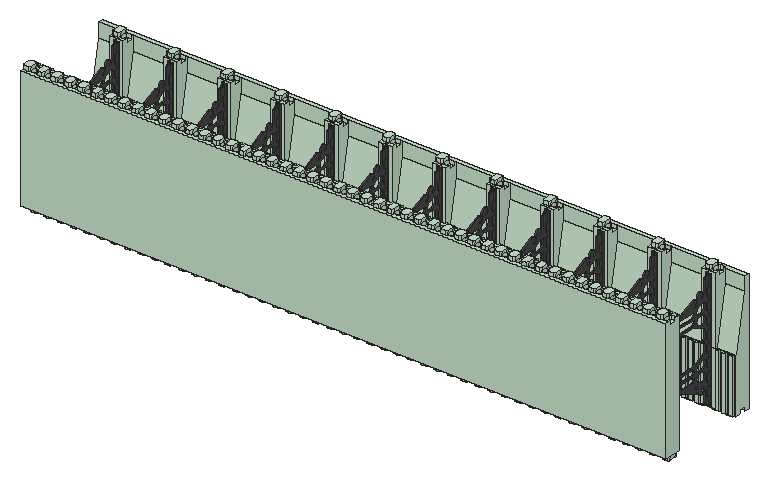
Revit family (continued)
Forms (mm)
  Extrusion 114, void
    sketch origin (2184.4, 0.004, 0) x (1, 0, 0) y (0, 1, 0)
      loop
        arc (25.4, 101.014) -> (26.615, 97.278) -> (29.796, 94.972) r 6.35
        arc (29.796, 94.972) -> (36.091, 93.737) -> (42.5, 94.024) r 26.988
        arc (42.5, 94.024) -> (43.786, 93.668) -> (44.346, 92.457) r 1.587
        line (44.346, 92.457) -> (44.346, 86.829) -> (48.685, 86.829) -> (48.685, 95.62)
        arc (48.685, 95.62) -> (48.795, 96.199) -> (49.108, 96.698) r 1.588
        arc (49.108, 96.698) -> (50.362, 98.696) -> (50.8, 101.014) r 6.35
        line (50.8, 101.014) -> (50.8, 124.411)
        arc (50.8, 124.411) -> (49.585, 128.147) -> (46.404, 130.453) r 6.35
        arc (46.404, 130.453) -> (38.1, 131.763) -> (29.796, 130.453) r 26.987
        arc (29.796, 130.453) -> (26.615, 128.147) -> (25.4, 124.411) r 6.35
    from 0 to 12.7
  Extrusion 115, void
    sketch origin (2133.6, 0.004, 0) x (1, 0, 0) y (0, 1, 0)
      loop
        line (25.4, 124.411) -> (25.4, 101.014)
        arc (25.4, 101.014) -> (26.615, 97.278) -> (29.796, 94.972) r 6.35
        arc (29.796, 94.972) -> (36.091, 93.737) -> (42.5, 94.024) r 26.988
        arc (42.5, 94.024) -> (43.786, 93.668) -> (44.346, 92.457) r 1.587
        line (44.346, 92.457) -> (44.346, 86.829) -> (48.685, 86.829) -> (48.685, 95.62)
        arc (48.685, 95.62) -> (48.795, 96.199) -> (49.108, 96.698) r 1.588
        arc (49.108, 96.698) -> (50.362, 98.696) -> (50.8, 101.014) r 6.35
        line (50.8, 101.014) -> (50.8, 124.411)
        arc (50.8, 124.411) -> (49.585, 128.147) -> (46.404, 130.453) r 6.35
        arc (46.404, 130.453) -> (38.1, 131.763) -> (29.796, 130.453) r 26.987
        arc (29.796, 130.453) -> (26.615, 128.147) -> (25.4, 124.411) r 6.35
    from 0 to 12.7
  Extrusion 116, void
    sketch origin (2082.8, 0.004, 0) x (1, 0, 0) y (0, 1, 0)
      loop
        line (25.4, 124.411) -> (25.4, 101.014)
        arc (25.4, 101.014) -> (26.615, 97.278) -> (29.796, 94.972) r 6.35
        arc (29.796, 94.972) -> (36.091, 93.737) -> (42.5, 94.024) r 26.988
        arc (42.5, 94.024) -> (43.786, 93.668) -> (44.346, 92.457) r 1.587
        line (44.346, 92.457) -> (44.346, 86.829) -> (48.685, 86.829) -> (48.685, 95.62)
        arc (48.685, 95.62) -> (48.795, 96.199) -> (49.108, 96.698) r 1.588
        arc (49.108, 96.698) -> (50.362, 98.696) -> (50.8, 101.014) r 6.35
        line (50.8, 101.014) -> (50.8, 124.411)
        arc (50.8, 124.411) -> (49.585, 128.147) -> (46.404, 130.453) r 6.35
        arc (46.404, 130.453) -> (38.1, 131.763) -> (29.796, 130.453) r 26.987
        arc (29.796, 130.453) -> (26.615, 128.147) -> (25.4, 124.411) r 6.35
    from 0 to 12.7
  Extrusion 117, void
    sketch origin (2032, 0.004, 0) x (1, 0, 0) y (0, 1, 0)
      loop
        line (25.4, 124.411) -> (25.4, 101.014)
        arc (25.4, 101.014) -> (26.615, 97.278) -> (29.796, 94.972) r 6.35
        arc (29.796, 94.972) -> (36.091, 93.737) -> (42.5, 94.024) r 26.988
        arc (42.5, 94.024) -> (43.786, 93.668) -> (44.346, 92.457) r 1.587
        line (44.346, 92.457) -> (44.346, 86.829) -> (48.685, 86.829) -> (48.685, 95.62)
        arc (48.685, 95.62) -> (48.795, 96.199) -> (49.108, 96.698) r 1.588
        arc (49.108, 96.698) -> (50.362, 98.696) -> (50.8, 101.014) r 6.35
        line (50.8, 101.014) -> (50.8, 124.411)
        arc (50.8, 124.411) -> (49.585, 128.147) -> (46.404, 130.453) r 6.35
        arc (46.404, 130.453) -> (38.1, 131.763) -> (29.796, 130.453) r 26.987
        arc (29.796, 130.453) -> (26.615, 128.147) -> (25.4, 124.411) r 6.35
    from 0 to 12.7
  Extrusion 118, void
    sketch origin (1981.2, 0.004, 0) x (1, 0, 0) y (0, 1, 0)
      loop
        line (25.4, 124.411) -> (25.4, 101.014)
        arc (25.4, 101.014) -> (26.615, 97.278) -> (29.796, 94.972) r 6.35
        arc (29.796, 94.972) -> (36.091, 93.737) -> (42.5, 94.024) r 26.988
        arc (42.5, 94.024) -> (43.786, 93.668) -> (44.346, 92.457) r 1.587
        line (44.346, 92.457) -> (44.346, 86.829) -> (48.685, 86.829) -> (48.685, 95.62)
        arc (48.685, 95.62) -> (48.795, 96.199) -> (49.108, 96.698) r 1.588
        arc (49.108, 96.698) -> (50.362, 98.696) -> (50.8, 101.014) r 6.35
        line (50.8, 101.014) -> (50.8, 124.411)
        arc (50.8, 124.411) -> (49.585, 128.147) -> (46.404, 130.453) r 6.35
        arc (46.404, 130.453) -> (38.1, 131.763) -> (29.796, 130.453) r 26.987
        arc (29.796, 130.453) -> (26.615, 128.147) -> (25.4, 124.411) r 6.35
    from 0 to 12.7
  Extrusion 119, void
    sketch origin (1930.4, 0.004, 0) x (1, 0, 0) y (0, 1, 0)
      loop
        line (25.4, 124.411) -> (25.4, 101.014)
        arc (25.4, 101.014) -> (26.615, 97.278) -> (29.796, 94.972) r 6.35
        arc (29.796, 94.972) -> (36.091, 93.737) -> (42.5, 94.024) r 26.988
        arc (42.5, 94.024) -> (43.786, 93.668) -> (44.346, 92.457) r 1.587
        line (44.346, 92.457) -> (44.346, 86.829) -> (48.685, 86.829) -> (48.685, 95.62)
        arc (48.685, 95.62) -> (48.795, 96.199) -> (49.108, 96.698) r 1.588
        arc (49.108, 96.698) -> (50.362, 98.696) -> (50.8, 101.014) r 6.35
        line (50.8, 101.014) -> (50.8, 124.411)
        arc (50.8, 124.411) -> (49.585, 128.147) -> (46.404, 130.453) r 6.35
        arc (46.404, 130.453) -> (38.1, 131.763) -> (29.796, 130.453) r 26.987
        arc (29.796, 130.453) -> (26.615, 128.147) -> (25.4, 124.411) r 6.35
    from 0 to 12.7
  Extrusion 120, void
    sketch origin (1879.6, 0.004, 0) x (1, 0, 0) y (0, 1, 0)
      loop
        line (25.4, 124.411) -> (25.4, 101.014)
        arc (25.4, 101.014) -> (26.615, 97.278) -> (29.796, 94.972) r 6.35
        arc (29.796, 94.972) -> (36.091, 93.737) -> (42.5, 94.024) r 26.988
        arc (42.5, 94.024) -> (43.786, 93.668) -> (44.346, 92.457) r 1.587
        line (44.346, 92.457) -> (44.346, 86.829) -> (48.685, 86.829) -> (48.685, 95.62)
        arc (48.685, 95.62) -> (48.795, 96.199) -> (49.108, 96.698) r 1.588
        arc (49.108, 96.698) -> (50.362, 98.696) -> (50.8, 101.014) r 6.35
        line (50.8, 101.014) -> (50.8, 124.411)
        arc (50.8, 124.411) -> (49.585, 128.147) -> (46.404, 130.453) r 6.35
        arc (46.404, 130.453) -> (38.1, 131.763) -> (29.796, 130.453) r 26.987
        arc (29.796, 130.453) -> (26.615, 128.147) -> (25.4, 124.411) r 6.35
    from 0 to 12.7
  Extrusion 121, void
    sketch origin (1828.8, 0.004, 0) x (1, 0, 0) y (0, 1, 0)
      loop
        line (25.4, 124.411) -> (25.4, 101.014)
        arc (25.4, 101.014) -> (26.615, 97.278) -> (29.796, 94.972) r 6.35
        arc (29.796, 94.972) -> (36.091, 93.737) -> (42.5, 94.024) r 26.988
        arc (42.5, 94.024) -> (43.786, 93.668) -> (44.346, 92.457) r 1.587
        line (44.346, 92.457) -> (44.346, 86.829) -> (48.685, 86.829) -> (48.685, 95.62)
        arc (48.685, 95.62) -> (48.795, 96.199) -> (49.108, 96.698) r 1.588
        arc (49.108, 96.698) -> (50.362, 98.696) -> (50.8, 101.014) r 6.35
        line (50.8, 101.014) -> (50.8, 124.411)
        arc (50.8, 124.411) -> (49.585, 128.147) -> (46.404, 130.453) r 6.35
        arc (46.404, 130.453) -> (38.1, 131.763) -> (29.796, 130.453) r 26.987
        arc (29.796, 130.453) -> (26.615, 128.147) -> (25.4, 124.411) r 6.35
    from 0 to 12.7
  Extrusion 122, void
    sketch origin (1778, 0.004, 0) x (1, 0, 0) y (0, 1, 0)
      loop
        line (25.4, 124.411) -> (25.4, 101.014)
        arc (25.4, 101.014) -> (26.615, 97.278) -> (29.796, 94.972) r 6.35
        arc (29.796, 94.972) -> (36.091, 93.737) -> (42.5, 94.024) r 26.988
        arc (42.5, 94.024) -> (43.786, 93.668) -> (44.346, 92.457) r 1.587
        line (44.346, 92.457) -> (44.346, 86.829) -> (48.685, 86.829) -> (48.685, 95.62)
        arc (48.685, 95.62) -> (48.795, 96.199) -> (49.108, 96.698) r 1.588
        arc (49.108, 96.698) -> (50.362, 98.696) -> (50.8, 101.014) r 6.35
        line (50.8, 101.014) -> (50.8, 124.411)
        arc (50.8, 124.411) -> (49.585, 128.147) -> (46.404, 130.453) r 6.35
        arc (46.404, 130.453) -> (38.1, 131.763) -> (29.796, 130.453) r 26.987
        arc (29.796, 130.453) -> (26.615, 128.147) -> (25.4, 124.411) r 6.35
    from 0 to 12.7
  Extrusion 123, void
    sketch origin (1727.2, 0.004, 0) x (1, 0, 0) y (0, 1, 0)
      loop
        line (25.4, 124.411) -> (25.4, 101.014)
        arc (25.4, 101.014) -> (26.615, 97.278) -> (29.796, 94.972) r 6.35
        arc (29.796, 94.972) -> (36.091, 93.737) -> (42.5, 94.024) r 26.988
        arc (42.5, 94.024) -> (43.786, 93.668) -> (44.346, 92.457) r 1.587
        line (44.346, 92.457) -> (44.346, 86.829) -> (48.685, 86.829) -> (48.685, 95.62)
        arc (48.685, 95.62) -> (48.795, 96.199) -> (49.108, 96.698) r 1.588
        arc (49.108, 96.698) -> (50.362, 98.696) -> (50.8, 101.014) r 6.35
        line (50.8, 101.014) -> (50.8, 124.411)
        arc (50.8, 124.411) -> (49.585, 128.147) -> (46.404, 130.453) r 6.35
        arc (46.404, 130.453) -> (38.1, 131.763) -> (29.796, 130.453) r 26.987
        arc (29.796, 130.453) -> (26.615, 128.147) -> (25.4, 124.411) r 6.35
    from 0 to 12.7
  Extrusion 124, void
    sketch origin (1676.4, 0.004, 0) x (1, 0, 0) y (0, 1, 0)
      loop
        line (25.4, 124.411) -> (25.4, 101.014)
        arc (25.4, 101.014) -> (26.615, 97.278) -> (29.796, 94.972) r 6.35
        arc (29.796, 94.972) -> (36.091, 93.737) -> (42.5, 94.024) r 26.988
        arc (42.5, 94.024) -> (43.786, 93.668) -> (44.346, 92.457) r 1.587
        line (44.346, 92.457) -> (44.346, 86.829) -> (48.685, 86.829) -> (48.685, 95.62)
        arc (48.685, 95.62) -> (48.795, 96.199) -> (49.108, 96.698) r 1.588
        arc (49.108, 96.698) -> (50.362, 98.696) -> (50.8, 101.014) r 6.35
        line (50.8, 101.014) -> (50.8, 124.411)
        arc (50.8, 124.411) -> (49.585, 128.147) -> (46.404, 130.453) r 6.35
        arc (46.404, 130.453) -> (38.1, 131.763) -> (29.796, 130.453) r 26.987
        arc (29.796, 130.453) -> (26.615, 128.147) -> (25.4, 124.411) r 6.35
    from 0 to 12.7
  Extrusion 125, void
    sketch origin (1625.6, 0.004, 0) x (1, 0, 0) y (0, 1, 0)
      loop
        line (25.4, 124.411) -> (25.4, 101.014)
        arc (25.4, 101.014) -> (26.615, 97.278) -> (29.796, 94.972) r 6.35
        arc (29.796, 94.972) -> (36.091, 93.737) -> (42.5, 94.024) r 26.988
        arc (42.5, 94.024) -> (43.786, 93.668) -> (44.346, 92.457) r 1.587
        line (44.346, 92.457) -> (44.346, 86.829) -> (48.685, 86.829) -> (48.685, 95.62)
        arc (48.685, 95.62) -> (48.795, 96.199) -> (49.108, 96.698) r 1.588
        arc (49.108, 96.698) -> (50.362, 98.696) -> (50.8, 101.014) r 6.35
        line (50.8, 101.014) -> (50.8, 124.411)
        arc (50.8, 124.411) -> (49.585, 128.147) -> (46.404, 130.453) r 6.35
        arc (46.404, 130.453) -> (38.1, 131.763) -> (29.796, 130.453) r 26.987
        arc (29.796, 130.453) -> (26.615, 128.147) -> (25.4, 124.411) r 6.35
    from 0 to 12.7
  Extrusion 126, void
    sketch origin (1574.8, 0.004, 0) x (1, 0, 0) y (0, 1, 0)
      loop
        line (25.4, 124.411) -> (25.4, 101.014)
        arc (25.4, 101.014) -> (26.615, 97.278) -> (29.796, 94.972) r 6.35
        arc (29.796, 94.972) -> (36.091, 93.737) -> (42.5, 94.024) r 26.988
        arc (42.5, 94.024) -> (43.786, 93.668) -> (44.346, 92.457) r 1.587
        line (44.346, 92.457) -> (44.346, 86.829) -> (48.685, 86.829) -> (48.685, 95.62)
        arc (48.685, 95.62) -> (48.795, 96.199) -> (49.108, 96.698) r 1.588
        arc (49.108, 96.698) -> (50.362, 98.696) -> (50.8, 101.014) r 6.35
        line (50.8, 101.014) -> (50.8, 124.411)
        arc (50.8, 124.411) -> (49.585, 128.147) -> (46.404, 130.453) r 6.35
        arc (46.404, 130.453) -> (38.1, 131.763) -> (29.796, 130.453) r 26.987
        arc (29.796, 130.453) -> (26.615, 128.147) -> (25.4, 124.411) r 6.35
    from 0 to 12.7
  Extrusion 127, void
    sketch origin (1524, 0.004, 0) x (1, 0, 0) y (0, 1, 0)
      loop
        line (25.4, 124.411) -> (25.4, 101.014)
        arc (25.4, 101.014) -> (26.615, 97.278) -> (29.796, 94.972) r 6.35
        arc (29.796, 94.972) -> (36.091, 93.737) -> (42.5, 94.024) r 26.988
        arc (42.5, 94.024) -> (43.786, 93.668) -> (44.346, 92.457) r 1.587
        line (44.346, 92.457) -> (44.346, 86.829) -> (48.685, 86.829) -> (48.685, 95.62)
        arc (48.685, 95.62) -> (48.795, 96.199) -> (49.108, 96.698) r 1.588
        arc (49.108, 96.698) -> (50.362, 98.696) -> (50.8, 101.014) r 6.35
        line (50.8, 101.014) -> (50.8, 124.411)
        arc (50.8, 124.411) -> (49.585, 128.147) -> (46.404, 130.453) r 6.35
        arc (46.404, 130.453) -> (38.1, 131.763) -> (29.796, 130.453) r 26.987
        arc (29.796, 130.453) -> (26.615, 128.147) -> (25.4, 124.411) r 6.35
    from 0 to 12.7
  Extrusion 128, void
    sketch origin (1473.2, 0.004, 0) x (1, 0, 0) y (0, 1, 0)
      loop
        line (25.4, 124.411) -> (25.4, 101.014)
        arc (25.4, 101.014) -> (26.615, 97.278) -> (29.796, 94.972) r 6.35
        arc (29.796, 94.972) -> (36.091, 93.737) -> (42.5, 94.024) r 26.988
        arc (42.5, 94.024) -> (43.786, 93.668) -> (44.346, 92.457) r 1.587
        line (44.346, 92.457) -> (44.346, 86.829) -> (48.685, 86.829) -> (48.685, 95.62)
        arc (48.685, 95.62) -> (48.795, 96.199) -> (49.108, 96.698) r 1.588
        arc (49.108, 96.698) -> (50.362, 98.696) -> (50.8, 101.014) r 6.35
        line (50.8, 101.014) -> (50.8, 124.411)
        arc (50.8, 124.411) -> (49.585, 128.147) -> (46.404, 130.453) r 6.35
        arc (46.404, 130.453) -> (38.1, 131.763) -> (29.796, 130.453) r 26.987
        arc (29.796, 130.453) -> (26.615, 128.147) -> (25.4, 124.411) r 6.35
    from 0 to 12.7
  Extrusion 129, void
    sketch origin (1422.4, 0.004, 0) x (1, 0, 0) y (0, 1, 0)
      loop
        line (25.4, 124.411) -> (25.4, 101.014)
        arc (25.4, 101.014) -> (26.615, 97.278) -> (29.796, 94.972) r 6.35
        arc (29.796, 94.972) -> (36.091, 93.737) -> (42.5, 94.024) r 26.988
        arc (42.5, 94.024) -> (43.786, 93.668) -> (44.346, 92.457) r 1.587
        line (44.346, 92.457) -> (44.346, 86.829) -> (48.685, 86.829) -> (48.685, 95.62)
        arc (48.685, 95.62) -> (48.795, 96.199) -> (49.108, 96.698) r 1.588
        arc (49.108, 96.698) -> (50.362, 98.696) -> (50.8, 101.014) r 6.35
        line (50.8, 101.014) -> (50.8, 124.411)
        arc (50.8, 124.411) -> (49.585, 128.147) -> (46.404, 130.453) r 6.35
        arc (46.404, 130.453) -> (38.1, 131.763) -> (29.796, 130.453) r 26.987
        arc (29.796, 130.453) -> (26.615, 128.147) -> (25.4, 124.411) r 6.35
    from 0 to 12.7
  Extrusion 130, void
    sketch origin (1371.6, 0.004, 0) x (1, 0, 0) y (0, 1, 0)
      loop
        line (25.4, 124.411) -> (25.4, 101.014)
        arc (25.4, 101.014) -> (26.615, 97.278) -> (29.796, 94.972) r 6.35
        arc (29.796, 94.972) -> (36.091, 93.737) -> (42.5, 94.024) r 26.988
        arc (42.5, 94.024) -> (43.786, 93.668) -> (44.346, 92.457) r 1.587
        line (44.346, 92.457) -> (44.346, 86.829) -> (48.685, 86.829) -> (48.685, 95.62)
        arc (48.685, 95.62) -> (48.795, 96.199) -> (49.108, 96.698) r 1.588
        arc (49.108, 96.698) -> (50.362, 98.696) -> (50.8, 101.014) r 6.35
        line (50.8, 101.014) -> (50.8, 124.411)
        arc (50.8, 124.411) -> (49.585, 128.147) -> (46.404, 130.453) r 6.35
        arc (46.404, 130.453) -> (38.1, 131.763) -> (29.796, 130.453) r 26.987
        arc (29.796, 130.453) -> (26.615, 128.147) -> (25.4, 124.411) r 6.35
    from 0 to 12.7
  Extrusion 131, void
    sketch origin (1320.8, 0.004, 0) x (1, 0, 0) y (0, 1, 0)
      loop
        line (25.4, 124.411) -> (25.4, 101.014)
        arc (25.4, 101.014) -> (26.615, 97.278) -> (29.796, 94.972) r 6.35
        arc (29.796, 94.972) -> (36.091, 93.737) -> (42.5, 94.024) r 26.988
        arc (42.5, 94.024) -> (43.786, 93.668) -> (44.346, 92.457) r 1.587
        line (44.346, 92.457) -> (44.346, 86.829) -> (48.685, 86.829) -> (48.685, 95.62)
        arc (48.685, 95.62) -> (48.795, 96.199) -> (49.108, 96.698) r 1.588
        arc (49.108, 96.698) -> (50.362, 98.696) -> (50.8, 101.014) r 6.35
        line (50.8, 101.014) -> (50.8, 124.411)
        arc (50.8, 124.411) -> (49.585, 128.147) -> (46.404, 130.453) r 6.35
        arc (46.404, 130.453) -> (38.1, 131.763) -> (29.796, 130.453) r 26.987
        arc (29.796, 130.453) -> (26.615, 128.147) -> (25.4, 124.411) r 6.35
    from 0 to 12.7
  Extrusion 132, void
    sketch origin (1270, 0.004, 0) x (1, 0, 0) y (0, 1, 0)
      loop
        line (25.4, 124.411) -> (25.4, 101.014)
        arc (25.4, 101.014) -> (26.615, 97.278) -> (29.796, 94.972) r 6.35
        arc (29.796, 94.972) -> (36.091, 93.737) -> (42.5, 94.024) r 26.988
        arc (42.5, 94.024) -> (43.786, 93.668) -> (44.346, 92.457) r 1.587
        line (44.346, 92.457) -> (44.346, 86.829) -> (48.685, 86.829) -> (48.685, 95.62)
        arc (48.685, 95.62) -> (48.795, 96.199) -> (49.108, 96.698) r 1.588
        arc (49.108, 96.698) -> (50.362, 98.696) -> (50.8, 101.014) r 6.35
        line (50.8, 101.014) -> (50.8, 124.411)
        arc (50.8, 124.411) -> (49.585, 128.147) -> (46.404, 130.453) r 6.35
        arc (46.404, 130.453) -> (38.1, 131.763) -> (29.796, 130.453) r 26.987
        arc (29.796, 130.453) -> (26.615, 128.147) -> (25.4, 124.411) r 6.35
    from 0 to 12.7
  Extrusion 133, void
    sketch origin (1219.2, 0.004, 0) x (1, 0, 0) y (0, 1, 0)
      loop
        line (25.4, 124.411) -> (25.4, 101.014)
        arc (25.4, 101.014) -> (26.615, 97.278) -> (29.796, 94.972) r 6.35
        arc (29.796, 94.972) -> (36.091, 93.737) -> (42.5, 94.024) r 26.988
        arc (42.5, 94.024) -> (43.786, 93.668) -> (44.346, 92.457) r 1.587
        line (44.346, 92.457) -> (44.346, 86.829) -> (48.685, 86.829) -> (48.685, 95.62)
        arc (48.685, 95.62) -> (48.795, 96.199) -> (49.108, 96.698) r 1.588
        arc (49.108, 96.698) -> (50.362, 98.696) -> (50.8, 101.014) r 6.35
        line (50.8, 101.014) -> (50.8, 124.411)
        arc (50.8, 124.411) -> (49.585, 128.147) -> (46.404, 130.453) r 6.35
        arc (46.404, 130.453) -> (38.1, 131.763) -> (29.796, 130.453) r 26.987
        arc (29.796, 130.453) -> (26.615, 128.147) -> (25.4, 124.411) r 6.35
    from 0 to 12.7
  Extrusion 134, void
    sketch origin (1168.4, 0.004, 0) x (1, 0, 0) y (0, 1, 0)
      loop
        line (25.4, 124.411) -> (25.4, 101.014)
        arc (25.4, 101.014) -> (26.615, 97.278) -> (29.796, 94.972) r 6.35
        arc (29.796, 94.972) -> (36.091, 93.737) -> (42.5, 94.024) r 26.988
        arc (42.5, 94.024) -> (43.786, 93.668) -> (44.346, 92.457) r 1.587
        line (44.346, 92.457) -> (44.346, 86.829) -> (48.685, 86.829) -> (48.685, 95.62)
        arc (48.685, 95.62) -> (48.795, 96.199) -> (49.108, 96.698) r 1.588
        arc (49.108, 96.698) -> (50.362, 98.696) -> (50.8, 101.014) r 6.35
        line (50.8, 101.014) -> (50.8, 124.411)
        arc (50.8, 124.411) -> (49.585, 128.147) -> (46.404, 130.453) r 6.35
        arc (46.404, 130.453) -> (38.1, 131.763) -> (29.796, 130.453) r 26.987
        arc (29.796, 130.453) -> (26.615, 128.147) -> (25.4, 124.411) r 6.35
    from 0 to 12.7
  Extrusion 135, void
    sketch origin (1117.6, 0.004, 0) x (1, 0, 0) y (0, 1, 0)
      loop
        line (25.4, 124.411) -> (25.4, 101.014)
        arc (25.4, 101.014) -> (26.615, 97.278) -> (29.796, 94.972) r 6.35
        arc (29.796, 94.972) -> (36.091, 93.737) -> (42.5, 94.024) r 26.988
        arc (42.5, 94.024) -> (43.786, 93.668) -> (44.346, 92.457) r 1.587
        line (44.346, 92.457) -> (44.346, 86.829) -> (48.685, 86.829) -> (48.685, 95.62)
        arc (48.685, 95.62) -> (48.795, 96.199) -> (49.108, 96.698) r 1.588
        arc (49.108, 96.698) -> (50.362, 98.696) -> (50.8, 101.014) r 6.35
        line (50.8, 101.014) -> (50.8, 124.411)
        arc (50.8, 124.411) -> (49.585, 128.147) -> (46.404, 130.453) r 6.35
        arc (46.404, 130.453) -> (38.1, 131.763) -> (29.796, 130.453) r 26.987
        arc (29.796, 130.453) -> (26.615, 128.147) -> (25.4, 124.411) r 6.35
    from 0 to 12.7
  Extrusion 136, void
    sketch origin (1066.8, 0.004, 0) x (1, 0, 0) y (0, 1, 0)
      loop
        line (25.4, 124.411) -> (25.4, 101.014)
        arc (25.4, 101.014) -> (26.615, 97.278) -> (29.796, 94.972) r 6.35
        arc (29.796, 94.972) -> (36.091, 93.737) -> (42.5, 94.024) r 26.988
        arc (42.5, 94.024) -> (43.786, 93.668) -> (44.346, 92.457) r 1.587
        line (44.346, 92.457) -> (44.346, 86.829) -> (48.685, 86.829) -> (48.685, 95.62)
        arc (48.685, 95.62) -> (48.795, 96.199) -> (49.108, 96.698) r 1.588
        arc (49.108, 96.698) -> (50.362, 98.696) -> (50.8, 101.014) r 6.35
        line (50.8, 101.014) -> (50.8, 124.411)
        arc (50.8, 124.411) -> (49.585, 128.147) -> (46.404, 130.453) r 6.35
        arc (46.404, 130.453) -> (38.1, 131.763) -> (29.796, 130.453) r 26.987
        arc (29.796, 130.453) -> (26.615, 128.147) -> (25.4, 124.411) r 6.35
    from 0 to 12.7
  Extrusion 137, void
    sketch origin (1016, 0.004, 0) x (1, 0, 0) y (0, 1, 0)
      loop
        line (25.4, 124.411) -> (25.4, 101.014)
        arc (25.4, 101.014) -> (26.615, 97.278) -> (29.796, 94.972) r 6.35
        arc (29.796, 94.972) -> (36.091, 93.737) -> (42.5, 94.024) r 26.988
        arc (42.5, 94.024) -> (43.786, 93.668) -> (44.346, 92.457) r 1.587
        line (44.346, 92.457) -> (44.346, 86.829) -> (48.685, 86.829) -> (48.685, 95.62)
        arc (48.685, 95.62) -> (48.795, 96.199) -> (49.108, 96.698) r 1.588
        arc (49.108, 96.698) -> (50.362, 98.696) -> (50.8, 101.014) r 6.35
        line (50.8, 101.014) -> (50.8, 124.411)
        arc (50.8, 124.411) -> (49.585, 128.147) -> (46.404, 130.453) r 6.35
        arc (46.404, 130.453) -> (38.1, 131.763) -> (29.796, 130.453) r 26.987
        arc (29.796, 130.453) -> (26.615, 128.147) -> (25.4, 124.411) r 6.35
    from 0 to 12.7
  Extrusion 138, void
    sketch origin (965.2, 0.004, 0) x (1, 0, 0) y (0, 1, 0)
      loop
        line (25.4, 124.411) -> (25.4, 101.014)
        arc (25.4, 101.014) -> (26.615, 97.278) -> (29.796, 94.972) r 6.35
        arc (29.796, 94.972) -> (36.091, 93.737) -> (42.5, 94.024) r 26.988
        arc (42.5, 94.024) -> (43.786, 93.668) -> (44.346, 92.457) r 1.587
        line (44.346, 92.457) -> (44.346, 86.829) -> (48.685, 86.829) -> (48.685, 95.62)
        arc (48.685, 95.62) -> (48.795, 96.199) -> (49.108, 96.698) r 1.588
        arc (49.108, 96.698) -> (50.362, 98.696) -> (50.8, 101.014) r 6.35
        line (50.8, 101.014) -> (50.8, 124.411)
        arc (50.8, 124.411) -> (49.585, 128.147) -> (46.404, 130.453) r 6.35
        arc (46.404, 130.453) -> (38.1, 131.763) -> (29.796, 130.453) r 26.987
        arc (29.796, 130.453) -> (26.615, 128.147) -> (25.4, 124.411) r 6.35
    from 0 to 12.7
  Extrusion 139, void
    sketch origin (914.4, 0.004, 0) x (1, 0, 0) y (0, 1, 0)
      loop
        line (25.4, 124.411) -> (25.4, 101.014)
        arc (25.4, 101.014) -> (26.615, 97.278) -> (29.796, 94.972) r 6.35
        arc (29.796, 94.972) -> (36.091, 93.737) -> (42.5, 94.024) r 26.988
        arc (42.5, 94.024) -> (43.786, 93.668) -> (44.346, 92.457) r 1.587
        line (44.346, 92.457) -> (44.346, 86.829) -> (48.685, 86.829) -> (48.685, 95.62)
        arc (48.685, 95.62) -> (48.795, 96.199) -> (49.108, 96.698) r 1.588
        arc (49.108, 96.698) -> (50.362, 98.696) -> (50.8, 101.014) r 6.35
        line (50.8, 101.014) -> (50.8, 124.411)
        arc (50.8, 124.411) -> (49.585, 128.147) -> (46.404, 130.453) r 6.35
        arc (46.404, 130.453) -> (38.1, 131.763) -> (29.796, 130.453) r 26.987
        arc (29.796, 130.453) -> (26.615, 128.147) -> (25.4, 124.411) r 6.35
    from 0 to 12.7
  Extrusion 140, void
    sketch origin (863.6, 0.004, 0) x (1, 0, 0) y (0, 1, 0)
      loop
        line (25.4, 124.411) -> (25.4, 101.014)
        arc (25.4, 101.014) -> (26.615, 97.278) -> (29.796, 94.972) r 6.35
        arc (29.796, 94.972) -> (36.091, 93.737) -> (42.5, 94.024) r 26.988
        arc (42.5, 94.024) -> (43.786, 93.668) -> (44.346, 92.457) r 1.587
        line (44.346, 92.457) -> (44.346, 86.829) -> (48.685, 86.829) -> (48.685, 95.62)
        arc (48.685, 95.62) -> (48.795, 96.199) -> (49.108, 96.698) r 1.588
        arc (49.108, 96.698) -> (50.362, 98.696) -> (50.8, 101.014) r 6.35
        line (50.8, 101.014) -> (50.8, 124.411)
        arc (50.8, 124.411) -> (49.585, 128.147) -> (46.404, 130.453) r 6.35
        arc (46.404, 130.453) -> (38.1, 131.763) -> (29.796, 130.453) r 26.987
        arc (29.796, 130.453) -> (26.615, 128.147) -> (25.4, 124.411) r 6.35
    from 0 to 12.7
  Extrusion 141, void
    sketch origin (812.8, 0.004, 0) x (1, 0, 0) y (0, 1, 0)
      loop
        line (25.4, 124.411) -> (25.4, 101.014)
        arc (25.4, 101.014) -> (26.615, 97.278) -> (29.796, 94.972) r 6.35
        arc (29.796, 94.972) -> (36.091, 93.737) -> (42.5, 94.024) r 26.988
        arc (42.5, 94.024) -> (43.786, 93.668) -> (44.346, 92.457) r 1.587
        line (44.346, 92.457) -> (44.346, 86.829) -> (48.685, 86.829) -> (48.685, 95.62)
        arc (48.685, 95.62) -> (48.795, 96.199) -> (49.108, 96.698) r 1.588
        arc (49.108, 96.698) -> (50.362, 98.696) -> (50.8, 101.014) r 6.35
        line (50.8, 101.014) -> (50.8, 124.411)
        arc (50.8, 124.411) -> (49.585, 128.147) -> (46.404, 130.453) r 6.35
        arc (46.404, 130.453) -> (38.1, 131.763) -> (29.796, 130.453) r 26.987
        arc (29.796, 130.453) -> (26.615, 128.147) -> (25.4, 124.411) r 6.35
    from 0 to 12.7
  Extrusion 142, void
    sketch origin (762, 0.004, 0) x (1, 0, 0) y (0, 1, 0)
      loop
        line (25.4, 124.411) -> (25.4, 101.014)
        arc (25.4, 101.014) -> (26.615, 97.278) -> (29.796, 94.972) r 6.35
        arc (29.796, 94.972) -> (36.091, 93.737) -> (42.5, 94.024) r 26.988
        arc (42.5, 94.024) -> (43.786, 93.668) -> (44.346, 92.457) r 1.587
        line (44.346, 92.457) -> (44.346, 86.829) -> (48.685, 86.829) -> (48.685, 95.62)
        arc (48.685, 95.62) -> (48.795, 96.199) -> (49.108, 96.698) r 1.588
        arc (49.108, 96.698) -> (50.362, 98.696) -> (50.8, 101.014) r 6.35
        line (50.8, 101.014) -> (50.8, 124.411)
        arc (50.8, 124.411) -> (49.585, 128.147) -> (46.404, 130.453) r 6.35
        arc (46.404, 130.453) -> (38.1, 131.763) -> (29.796, 130.453) r 26.987
        arc (29.796, 130.453) -> (26.615, 128.147) -> (25.4, 124.411) r 6.35
    from 0 to 12.7
  Extrusion 143, void
    sketch origin (711.2, 0.004, 0) x (1, 0, 0) y (0, 1, 0)
      loop
        line (25.4, 124.411) -> (25.4, 101.014)
        arc (25.4, 101.014) -> (26.615, 97.278) -> (29.796, 94.972) r 6.35
        arc (29.796, 94.972) -> (36.091, 93.737) -> (42.5, 94.024) r 26.988
        arc (42.5, 94.024) -> (43.786, 93.668) -> (44.346, 92.457) r 1.587
        line (44.346, 92.457) -> (44.346, 86.829) -> (48.685, 86.829) -> (48.685, 95.62)
        arc (48.685, 95.62) -> (48.795, 96.199) -> (49.108, 96.698) r 1.588
        arc (49.108, 96.698) -> (50.362, 98.696) -> (50.8, 101.014) r 6.35
        line (50.8, 101.014) -> (50.8, 124.411)
        arc (50.8, 124.411) -> (49.585, 128.147) -> (46.404, 130.453) r 6.35
        arc (46.404, 130.453) -> (38.1, 131.763) -> (29.796, 130.453) r 26.987
        arc (29.796, 130.453) -> (26.615, 128.147) -> (25.4, 124.411) r 6.35
    from 0 to 12.7
  Extrusion 144, void
    sketch origin (660.4, 0.004, 0) x (1, 0, 0) y (0, 1, 0)
      loop
        line (25.4, 124.411) -> (25.4, 101.014)
        arc (25.4, 101.014) -> (26.615, 97.278) -> (29.796, 94.972) r 6.35
        arc (29.796, 94.972) -> (36.091, 93.737) -> (42.5, 94.024) r 26.988
        arc (42.5, 94.024) -> (43.786, 93.668) -> (44.346, 92.457) r 1.587
        line (44.346, 92.457) -> (44.346, 86.829) -> (48.685, 86.829) -> (48.685, 95.62)
        arc (48.685, 95.62) -> (48.795, 96.199) -> (49.108, 96.698) r 1.588
        arc (49.108, 96.698) -> (50.362, 98.696) -> (50.8, 101.014) r 6.35
        line (50.8, 101.014) -> (50.8, 124.411)
        arc (50.8, 124.411) -> (49.585, 128.147) -> (46.404, 130.453) r 6.35
        arc (46.404, 130.453) -> (38.1, 131.763) -> (29.796, 130.453) r 26.987
        arc (29.796, 130.453) -> (26.615, 128.147) -> (25.4, 124.411) r 6.35
    from 0 to 12.7
  Extrusion 145, void
    sketch origin (609.6, 0.004, 0) x (1, 0, 0) y (0, 1, 0)
      loop
        line (25.4, 124.411) -> (25.4, 101.014)
        arc (25.4, 101.014) -> (26.615, 97.278) -> (29.796, 94.972) r 6.35
        arc (29.796, 94.972) -> (36.091, 93.737) -> (42.5, 94.024) r 26.988
        arc (42.5, 94.024) -> (43.786, 93.668) -> (44.346, 92.457) r 1.587
        line (44.346, 92.457) -> (44.346, 86.829) -> (48.685, 86.829) -> (48.685, 95.62)
        arc (48.685, 95.62) -> (48.795, 96.199) -> (49.108, 96.698) r 1.588
        arc (49.108, 96.698) -> (50.362, 98.696) -> (50.8, 101.014) r 6.35
        line (50.8, 101.014) -> (50.8, 124.411)
        arc (50.8, 124.411) -> (49.585, 128.147) -> (46.404, 130.453) r 6.35
        arc (46.404, 130.453) -> (38.1, 131.763) -> (29.796, 130.453) r 26.987
        arc (29.796, 130.453) -> (26.615, 128.147) -> (25.4, 124.411) r 6.35
    from 0 to 12.7
  Extrusion 146, void
    sketch origin (558.8, 0.004, 0) x (1, 0, 0) y (0, 1, 0)
      loop
        line (25.4, 124.411) -> (25.4, 101.014)
        arc (25.4, 101.014) -> (26.615, 97.278) -> (29.796, 94.972) r 6.35
        arc (29.796, 94.972) -> (36.091, 93.737) -> (42.5, 94.024) r 26.988
        arc (42.5, 94.024) -> (43.786, 93.668) -> (44.346, 92.457) r 1.587
        line (44.346, 92.457) -> (44.346, 86.829) -> (48.685, 86.829) -> (48.685, 95.62)
        arc (48.685, 95.62) -> (48.795, 96.199) -> (49.108, 96.698) r 1.588
        arc (49.108, 96.698) -> (50.362, 98.696) -> (50.8, 101.014) r 6.35
        line (50.8, 101.014) -> (50.8, 124.411)
        arc (50.8, 124.411) -> (49.585, 128.147) -> (46.404, 130.453) r 6.35
        arc (46.404, 130.453) -> (38.1, 131.763) -> (29.796, 130.453) r 26.987
        arc (29.796, 130.453) -> (26.615, 128.147) -> (25.4, 124.411) r 6.35
    from 0 to 12.7
  Extrusion 147, void
    sketch origin (508, 0.004, 0) x (1, 0, 0) y (0, 1, 0)
      loop
        line (25.4, 124.411) -> (25.4, 101.014)
        arc (25.4, 101.014) -> (26.615, 97.278) -> (29.796, 94.972) r 6.35
        arc (29.796, 94.972) -> (36.091, 93.737) -> (42.5, 94.024) r 26.988
        arc (42.5, 94.024) -> (43.786, 93.668) -> (44.346, 92.457) r 1.587
        line (44.346, 92.457) -> (44.346, 86.829) -> (48.685, 86.829) -> (48.685, 95.62)
        arc (48.685, 95.62) -> (48.795, 96.199) -> (49.108, 96.698) r 1.588
        arc (49.108, 96.698) -> (50.362, 98.696) -> (50.8, 101.014) r 6.35
        line (50.8, 101.014) -> (50.8, 124.411)
        arc (50.8, 124.411) -> (49.585, 128.147) -> (46.404, 130.453) r 6.35
        arc (46.404, 130.453) -> (38.1, 131.763) -> (29.796, 130.453) r 26.987
        arc (29.796, 130.453) -> (26.615, 128.147) -> (25.4, 124.411) r 6.35
    from 0 to 12.7
  Extrusion 148, void
    sketch origin (457.2, 0.004, 0) x (1, 0, 0) y (0, 1, 0)
      loop
        line (25.4, 124.411) -> (25.4, 101.014)
        arc (25.4, 101.014) -> (26.615, 97.278) -> (29.796, 94.972) r 6.35
        arc (29.796, 94.972) -> (36.091, 93.737) -> (42.5, 94.024) r 26.988
        arc (42.5, 94.024) -> (43.786, 93.668) -> (44.346, 92.457) r 1.587
        line (44.346, 92.457) -> (44.346, 86.829) -> (48.685, 86.829) -> (48.685, 95.62)
        arc (48.685, 95.62) -> (48.795, 96.199) -> (49.108, 96.698) r 1.588
        arc (49.108, 96.698) -> (50.362, 98.696) -> (50.8, 101.014) r 6.35
        line (50.8, 101.014) -> (50.8, 124.411)
        arc (50.8, 124.411) -> (49.585, 128.147) -> (46.404, 130.453) r 6.35
        arc (46.404, 130.453) -> (38.1, 131.763) -> (29.796, 130.453) r 26.987
        arc (29.796, 130.453) -> (26.615, 128.147) -> (25.4, 124.411) r 6.35
    from 0 to 12.7
  Extrusion 149, void
    sketch origin (406.4, 0.004, 0) x (1, 0, 0) y (0, 1, 0)
      loop
        line (25.4, 124.411) -> (25.4, 101.014)
        arc (25.4, 101.014) -> (26.615, 97.278) -> (29.796, 94.972) r 6.35
        arc (29.796, 94.972) -> (36.091, 93.737) -> (42.5, 94.024) r 26.988
        arc (42.5, 94.024) -> (43.786, 93.668) -> (44.346, 92.457) r 1.587
        line (44.346, 92.457) -> (44.346, 86.829) -> (48.685, 86.829) -> (48.685, 95.62)
        arc (48.685, 95.62) -> (48.795, 96.199) -> (49.108, 96.698) r 1.588
        arc (49.108, 96.698) -> (50.362, 98.696) -> (50.8, 101.014) r 6.35
        line (50.8, 101.014) -> (50.8, 124.411)
        arc (50.8, 124.411) -> (49.585, 128.147) -> (46.404, 130.453) r 6.35
        arc (46.404, 130.453) -> (38.1, 131.763) -> (29.796, 130.453) r 26.987
        arc (29.796, 130.453) -> (26.615, 128.147) -> (25.4, 124.411) r 6.35
    from 0 to 12.7
  Extrusion 150, void
    sketch origin (355.6, 0.004, 0) x (1, 0, 0) y (0, 1, 0)
      loop
        line (25.4, 124.411) -> (25.4, 101.014)
        arc (25.4, 101.014) -> (26.615, 97.278) -> (29.796, 94.972) r 6.35
        arc (29.796, 94.972) -> (36.091, 93.737) -> (42.5, 94.024) r 26.988
        arc (42.5, 94.024) -> (43.786, 93.668) -> (44.346, 92.457) r 1.587
        line (44.346, 92.457) -> (44.346, 86.829) -> (48.685, 86.829) -> (48.685, 95.62)
        arc (48.685, 95.62) -> (48.795, 96.199) -> (49.108, 96.698) r 1.588
        arc (49.108, 96.698) -> (50.362, 98.696) -> (50.8, 101.014) r 6.35
        line (50.8, 101.014) -> (50.8, 124.411)
        arc (50.8, 124.411) -> (49.585, 128.147) -> (46.404, 130.453) r 6.35
        arc (46.404, 130.453) -> (38.1, 131.763) -> (29.796, 130.453) r 26.987
        arc (29.796, 130.453) -> (26.615, 128.147) -> (25.4, 124.411) r 6.35
    from 0 to 12.7
  Extrusion 151, void
    sketch origin (304.8, 0.004, 0) x (1, 0, 0) y (0, 1, 0)
      loop
        line (25.4, 124.411) -> (25.4, 101.014)
        arc (25.4, 101.014) -> (26.615, 97.278) -> (29.796, 94.972) r 6.35
        arc (29.796, 94.972) -> (36.091, 93.737) -> (42.5, 94.024) r 26.988
        arc (42.5, 94.024) -> (43.786, 93.668) -> (44.346, 92.457) r 1.587
        line (44.346, 92.457) -> (44.346, 86.829) -> (48.685, 86.829) -> (48.685, 95.62)
        arc (48.685, 95.62) -> (48.795, 96.199) -> (49.108, 96.698) r 1.588
        arc (49.108, 96.698) -> (50.362, 98.696) -> (50.8, 101.014) r 6.35
        line (50.8, 101.014) -> (50.8, 124.411)
        arc (50.8, 124.411) -> (49.585, 128.147) -> (46.404, 130.453) r 6.35
        arc (46.404, 130.453) -> (38.1, 131.763) -> (29.796, 130.453) r 26.987
        arc (29.796, 130.453) -> (26.615, 128.147) -> (25.4, 124.411) r 6.35
    from 0 to 12.7
  Extrusion 152, void
    sketch origin (254, 0.004, 0) x (1, 0, 0) y (0, 1, 0)
      loop
        line (25.4, 124.411) -> (25.4, 101.014)
        arc (25.4, 101.014) -> (26.615, 97.278) -> (29.796, 94.972) r 6.35
        arc (29.796, 94.972) -> (36.091, 93.737) -> (42.5, 94.024) r 26.988
        arc (42.5, 94.024) -> (43.786, 93.668) -> (44.346, 92.457) r 1.587
        line (44.346, 92.457) -> (44.346, 86.829) -> (48.685, 86.829) -> (48.685, 95.62)
        arc (48.685, 95.62) -> (48.795, 96.199) -> (49.108, 96.698) r 1.588
        arc (49.108, 96.698) -> (50.362, 98.696) -> (50.8, 101.014) r 6.35
        line (50.8, 101.014) -> (50.8, 124.411)
        arc (50.8, 124.411) -> (49.585, 128.147) -> (46.404, 130.453) r 6.35
        arc (46.404, 130.453) -> (38.1, 131.763) -> (29.796, 130.453) r 26.987
        arc (29.796, 130.453) -> (26.615, 128.147) -> (25.4, 124.411) r 6.35
    from 0 to 12.7
  Extrusion 153, void
    sketch origin (203.2, 0.004, 0) x (1, 0, 0) y (0, 1, 0)
      loop
        line (25.4, 124.411) -> (25.4, 101.014)
        arc (25.4, 101.014) -> (26.615, 97.278) -> (29.796, 94.972) r 6.35
        arc (29.796, 94.972) -> (36.091, 93.737) -> (42.5, 94.024) r 26.988
        arc (42.5, 94.024) -> (43.786, 93.668) -> (44.346, 92.457) r 1.587
        line (44.346, 92.457) -> (44.346, 86.829) -> (48.685, 86.829) -> (48.685, 95.62)
        arc (48.685, 95.62) -> (48.795, 96.199) -> (49.108, 96.698) r 1.588
        arc (49.108, 96.698) -> (50.362, 98.696) -> (50.8, 101.014) r 6.35
        line (50.8, 101.014) -> (50.8, 124.411)
        arc (50.8, 124.411) -> (49.585, 128.147) -> (46.404, 130.453) r 6.35
        arc (46.404, 130.453) -> (38.1, 131.763) -> (29.796, 130.453) r 26.987
        arc (29.796, 130.453) -> (26.615, 128.147) -> (25.4, 124.411) r 6.35
    from 0 to 12.7
  Extrusion 154, void
    sketch origin (152.4, 0.004, 0) x (1, 0, 0) y (0, 1, 0)
      loop
        line (25.4, 124.411) -> (25.4, 101.014)
        arc (25.4, 101.014) -> (26.615, 97.278) -> (29.796, 94.972) r 6.35
        arc (29.796, 94.972) -> (36.091, 93.737) -> (42.5, 94.024) r 26.988
        arc (42.5, 94.024) -> (43.786, 93.668) -> (44.346, 92.457) r 1.587
        line (44.346, 92.457) -> (44.346, 86.829) -> (48.685, 86.829) -> (48.685, 95.62)
        arc (48.685, 95.62) -> (48.795, 96.199) -> (49.108, 96.698) r 1.588
        arc (49.108, 96.698) -> (50.362, 98.696) -> (50.8, 101.014) r 6.35
        line (50.8, 101.014) -> (50.8, 124.411)
        arc (50.8, 124.411) -> (49.585, 128.147) -> (46.404, 130.453) r 6.35
        arc (46.404, 130.453) -> (38.1, 131.763) -> (29.796, 130.453) r 26.987
        arc (29.796, 130.453) -> (26.615, 128.147) -> (25.4, 124.411) r 6.35
    from 0 to 12.7
  Extrusion 155, void
    sketch origin (101.6, 0.004, 0) x (1, 0, 0) y (0, 1, 0)
      loop
        line (25.4, 124.411) -> (25.4, 101.014)
        arc (25.4, 101.014) -> (26.615, 97.278) -> (29.796, 94.972) r 6.35
        arc (29.796, 94.972) -> (36.091, 93.737) -> (42.5, 94.024) r 26.988
        arc (42.5, 94.024) -> (43.786, 93.668) -> (44.346, 92.457) r 1.587
        line (44.346, 92.457) -> (44.346, 86.829) -> (48.685, 86.829) -> (48.685, 95.62)
        arc (48.685, 95.62) -> (48.795, 96.199) -> (49.108, 96.698) r 1.588
        arc (49.108, 96.698) -> (50.362, 98.696) -> (50.8, 101.014) r 6.35
        line (50.8, 101.014) -> (50.8, 124.411)
        arc (50.8, 124.411) -> (49.585, 128.147) -> (46.404, 130.453) r 6.35
        arc (46.404, 130.453) -> (38.1, 131.763) -> (29.796, 130.453) r 26.987
        arc (29.796, 130.453) -> (26.615, 128.147) -> (25.4, 124.411) r 6.35
    from 0 to 12.7
  Extrusion 156, void
    sketch origin (50.8, 0.004, 0) x (1, 0, 0) y (0, 1, 0)
      loop
        line (25.4, 124.411) -> (25.4, 101.014)
        arc (25.4, 101.014) -> (26.615, 97.278) -> (29.796, 94.972) r 6.35
        arc (29.796, 94.972) -> (36.091, 93.737) -> (42.5, 94.024) r 26.988
        arc (42.5, 94.024) -> (43.786, 93.668) -> (44.346, 92.457) r 1.587
        line (44.346, 92.457) -> (44.346, 86.829) -> (48.685, 86.829) -> (48.685, 95.62)
        arc (48.685, 95.62) -> (48.795, 96.199) -> (49.108, 96.698) r 1.588
        arc (49.108, 96.698) -> (50.362, 98.696) -> (50.8, 101.014) r 6.35
        line (50.8, 101.014) -> (50.8, 124.411)
        arc (50.8, 124.411) -> (49.585, 128.147) -> (46.404, 130.453) r 6.35
        arc (46.404, 130.453) -> (38.1, 131.763) -> (29.796, 130.453) r 26.987
        arc (29.796, 130.453) -> (26.615, 128.147) -> (25.4, 124.411) r 6.35
    from 0 to 12.7
  Extrusion 157, void
    sketch origin (0, 0.004, 0) x (1, 0, 0) y (0, 1, 0)
      loop
        line (25.4, 124.411) -> (25.4, 101.014)
        arc (25.4, 101.014) -> (26.615, 97.278) -> (29.796, 94.972) r 6.35
        arc (29.796, 94.972) -> (36.091, 93.737) -> (42.5, 94.024) r 26.988
        arc (42.5, 94.024) -> (43.786, 93.668) -> (44.346, 92.457) r 1.587
        line (44.346, 92.457) -> (44.346, 86.829) -> (48.685, 86.829) -> (48.685, 95.62)
        arc (48.685, 95.62) -> (48.795, 96.199) -> (49.108, 96.698) r 1.588
        arc (49.108, 96.698) -> (50.362, 98.696) -> (50.8, 101.014) r 6.35
        line (50.8, 101.014) -> (50.8, 124.411)
        arc (50.8, 124.411) -> (49.585, 128.147) -> (46.404, 130.453) r 6.35
        arc (46.404, 130.453) -> (38.1, 131.763) -> (29.796, 130.453) r 26.987
        arc (29.796, 130.453) -> (26.615, 128.147) -> (25.4, 124.411) r 6.35
    from 0 to 12.7
  Extrusion 158, solid, material "NUDURA Expanded Polystyrene Foam Insulation"
    sketch origin (0, 0.004, 0) x (0, 1, 0) y (0, 0, 1)
      loop
        line (142.875, 0) -> (142.875, 457.2) -> (127, 457.2) -> (127, 404.586) -> (88.9, 203.2) -> (82.55, 203.2) -> (82.55, 0) -> (142.875, 0)
    from 0 to 2438.4
  Extrusion 159, solid, material "NUDURA Expanded Polystyrene Foam Insulation"
    sketch origin (0, 0.004, 0) x (0, 1, 0) y (0, 0, 1)
      loop
        line (127, 457.2) -> (82.55, 457.2) -> (82.55, 203.2) -> (88.9, 203.2) -> (127, 404.586) -> (127, 457.2)
    from 76.2 to 127
  Extrusion 160, solid, material "NUDURA Expanded Polystyrene Foam Insulation"
    sketch origin (0, 0.004, 0) x (0, 1, 0) y (0, 0, 1)
      loop
        line (127, 457.2) -> (82.55, 457.2) -> (82.55, 203.2) -> (88.9, 203.2) -> (127, 404.586) -> (127, 457.2)
    from 279.4 to 330.2
  Extrusion 161, solid, material "NUDURA Expanded Polystyrene Foam Insulation"
    sketch origin (0, 0.004, 0) x (0, 1, 0) y (0, 0, 1)
      loop
        line (127, 457.2) -> (82.55, 457.2) -> (82.55, 203.2) -> (88.9, 203.2) -> (127, 404.586) -> (127, 457.2)
    from 482.6 to 533.4
  Extrusion 162, solid, material "NUDURA Expanded Polystyrene Foam Insulation"
    sketch origin (0, 0.004, 0) x (0, 1, 0) y (0, 0, 1)
      loop
        line (127, 457.2) -> (82.55, 457.2) -> (82.55, 203.2) -> (88.9, 203.2) -> (127, 404.586) -> (127, 457.2)
    from 685.8 to 736.6
  Extrusion 163, solid, material "NUDURA Expanded Polystyrene Foam Insulation"
    sketch origin (0, 0.004, 0) x (0, 1, 0) y (0, 0, 1)
      loop
        line (127, 457.2) -> (82.55, 457.2) -> (82.55, 203.2) -> (88.9, 203.2) -> (127, 404.586) -> (127, 457.2)
    from 889 to 939.8
  Extrusion 164, solid, material "NUDURA Expanded Polystyrene Foam Insulation"
    sketch origin (0, 0.004, 0) x (0, 1, 0) y (0, 0, 1)
      loop
        line (127, 457.2) -> (82.55, 457.2) -> (82.55, 203.2) -> (88.9, 203.2) -> (127, 404.586) -> (127, 457.2)
    from 1092.2 to 1143
  Extrusion 165, solid, material "NUDURA Expanded Polystyrene Foam Insulation"
    sketch origin (0, 0.004, 0) x (0, 1, 0) y (0, 0, 1)
      loop
        line (127, 457.2) -> (82.55, 457.2) -> (82.55, 203.2) -> (88.9, 203.2) -> (127, 404.586) -> (127, 457.2)
    from 1295.4 to 1346.2
  Extrusion 166, solid, material "NUDURA Expanded Polystyrene Foam Insulation"
    sketch origin (0, 0.004, 0) x (0, 1, 0) y (0, 0, 1)
      loop
        line (127, 457.2) -> (82.55, 457.2) -> (82.55, 203.2) -> (88.9, 203.2) -> (127, 404.586) -> (127, 457.2)
    from 1498.6 to 1549.4
  Extrusion 167, solid, material "NUDURA Expanded Polystyrene Foam Insulation"
    sketch origin (0, 0.004, 0) x (0, 1, 0) y (0, 0, 1)
      loop
        line (127, 457.2) -> (82.55, 457.2) -> (82.55, 203.2) -> (88.9, 203.2) -> (127, 404.586) -> (127, 457.2)
    from 1701.8 to 1752.6
  Extrusion 168, solid, material "NUDURA Expanded Polystyrene Foam Insulation"
    sketch origin (0, 0.004, 0) x (0, 1, 0) y (0, 0, 1)
      loop
        line (127, 457.2) -> (82.55, 457.2) -> (82.55, 203.2) -> (88.9, 203.2) -> (127, 404.586) -> (127, 457.2)
    from 1701.8 to 1752.6
  Extrusion 169, solid, material "NUDURA Expanded Polystyrene Foam Insulation"
    sketch origin (0, 0.004, 0) x (0, 1, 0) y (0, 0, 1)
      loop
        line (127, 457.2) -> (82.55, 457.2) -> (82.55, 203.2) -> (88.9, 203.2) -> (127, 404.586) -> (127, 457.2)
    from 1905 to 1955.8
  Extrusion 170, solid, material "NUDURA Expanded Polystyrene Foam Insulation"
    sketch origin (0, 0.004, 0) x (0, 1, 0) y (0, 0, 1)
      loop
        line (127, 457.2) -> (82.55, 457.2) -> (82.55, 203.2) -> (88.9, 203.2) -> (127, 404.586) -> (127, 457.2)
    from 2108.2 to 2159
  Extrusion 171, solid, material "NUDURA Expanded Polystyrene Foam Insulation"
    sketch origin (0, 0.004, 0) x (0, 1, 0) y (0, 0, 1)
      loop
        line (127, 457.2) -> (82.55, 457.2) -> (82.55, 203.2) -> (88.9, 203.2) -> (127, 404.586) -> (127, 457.2)
    from 2311.4 to 2362.2
  Extrusion 172, solid, material "NUDURA Expanded Polystyrene Foam Insulation"
    sketch origin (0, 0.004, 0) x (1, 0, 0) y (0, 1, 0)
      loop
        line (7.142, 82.55) -> (5.558, 76.2) -> (19.842, 76.2) -> (18.258, 82.55) -> (7.142, 82.55)
      loop
        line (32.542, 82.55) -> (30.958, 76.2) -> (45.242, 76.2) -> (43.658, 82.55) -> (32.542, 82.55)
      loop
        line (57.942, 82.55) -> (56.358, 76.2) -> (70.642, 76.2) -> (69.058, 82.55) -> (57.942, 82.55)
      loop
        line (134.142, 82.55) -> (132.558, 76.2) -> (146.842, 76.2) -> (145.258, 82.55) -> (134.142, 82.55)
      loop
        line (159.542, 82.55) -> (157.958, 76.2) -> (172.242, 76.2) -> (170.658, 82.55) -> (159.542, 82.55)
      loop
        line (184.942, 82.55) -> (183.358, 76.2) -> (197.642, 76.2) -> (196.058, 82.55) -> (184.942, 82.55)
      loop
        line (210.342, 82.55) -> (208.758, 76.2) -> (223.042, 76.2) -> (221.458, 82.55) -> (210.342, 82.55)
      loop
        line (235.742, 82.55) -> (234.158, 76.2) -> (248.442, 76.2) -> (246.858, 82.55) -> (235.742, 82.55)
      loop
        line (261.142, 82.55) -> (259.558, 76.2) -> (273.842, 76.2) -> (272.258, 82.55) -> (261.142, 82.55)
      loop
        line (337.342, 82.55) -> (335.758, 76.2) -> (350.042, 76.2) -> (348.458, 82.55) -> (337.342, 82.55)
      loop
        line (362.742, 82.55) -> (361.158, 76.2) -> (375.442, 76.2) -> (373.858, 82.55) -> (362.742, 82.55)
      loop
        line (388.142, 82.55) -> (386.558, 76.2) -> (400.842, 76.2) -> (399.258, 82.55) -> (388.142, 82.55)
      loop
        line (413.542, 82.55) -> (411.958, 76.2) -> (426.242, 76.2) -> (424.658, 82.55) -> (413.542, 82.55)
      loop
        line (438.942, 82.55) -> (437.358, 76.2) -> (451.642, 76.2) -> (450.058, 82.55) -> (438.942, 82.55)
      loop
        line (464.342, 82.55) -> (462.758, 76.2) -> (477.042, 76.2) -> (475.458, 82.55) -> (464.342, 82.55)
      loop
        line (540.542, 82.55) -> (538.958, 76.2) -> (553.242, 76.2) -> (551.658, 82.55) -> (540.542, 82.55)
      loop
        line (565.942, 82.55) -> (564.358, 76.2) -> (578.642, 76.2) -> (577.058, 82.55) -> (565.942, 82.55)
      loop
        line (591.342, 82.55) -> (589.758, 76.2) -> (604.042, 76.2) -> (602.458, 82.55) -> (591.342, 82.55)
      loop
        line (616.742, 82.55) -> (615.158, 76.2) -> (629.442, 76.2) -> (627.858, 82.55) -> (616.742, 82.55)
      loop
        line (642.142, 82.55) -> (640.558, 76.2) -> (654.842, 76.2) -> (653.258, 82.55) -> (642.142, 82.55)
      loop
        line (667.542, 82.55) -> (665.958, 76.2) -> (680.242, 76.2) -> (678.658, 82.55) -> (667.542, 82.55)
      loop
        line (743.742, 82.55) -> (742.158, 76.2) -> (756.442, 76.2) -> (754.858, 82.55) -> (743.742, 82.55)
      loop
        line (769.142, 82.55) -> (767.558, 76.2) -> (781.842, 76.2) -> (780.258, 82.55) -> (769.142, 82.55)
      loop
        line (794.542, 82.55) -> (792.958, 76.2) -> (807.242, 76.2) -> (805.658, 82.55) -> (794.542, 82.55)
      loop
        line (819.942, 82.55) -> (818.358, 76.2) -> (832.642, 76.2) -> (831.058, 82.55) -> (819.942, 82.55)
      loop
        line (845.342, 82.55) -> (843.758, 76.2) -> (858.042, 76.2) -> (856.458, 82.55) -> (845.342, 82.55)
      loop
        line (870.742, 82.55) -> (869.158, 76.2) -> (883.442, 76.2) -> (881.858, 82.55) -> (870.742, 82.55)
      loop
        line (946.942, 82.55) -> (945.358, 76.2) -> (959.642, 76.2) -> (958.058, 82.55) -> (946.942, 82.55)
      loop
        line (972.342, 82.55) -> (970.758, 76.2) -> (985.042, 76.2) -> (983.458, 82.55) -> (972.342, 82.55)
      loop
        line (997.742, 82.55) -> (996.158, 76.2) -> (1010.442, 76.2) -> (1008.858, 82.55) -> (997.742, 82.55)
      loop
        line (1023.142, 82.55) -> (1021.558, 76.2) -> (1035.842, 76.2) -> (1034.258, 82.55) -> (1023.142, 82.55)
      loop
        line (1048.542, 82.55) -> (1046.958, 76.2) -> (1061.242, 76.2) -> (1059.658, 82.55) -> (1048.542, 82.55)
      loop
        line (1073.942, 82.55) -> (1072.358, 76.2) -> (1086.642, 76.2) -> (1085.058, 82.55) -> (1073.942, 82.55)
      loop
        line (1150.142, 82.55) -> (1148.558, 76.2) -> (1162.842, 76.2) -> (1161.258, 82.55) -> (1150.142, 82.55)
      loop
        line (1175.542, 82.55) -> (1173.958, 76.2) -> (1188.242, 76.2) -> (1186.658, 82.55) -> (1175.542, 82.55)
      loop
        line (1200.942, 82.55) -> (1199.358, 76.2) -> (1213.642, 76.2) -> (1212.058, 82.55) -> (1200.942, 82.55)
      loop
        line (1226.342, 82.55) -> (1224.758, 76.2) -> (1239.042, 76.2) -> (1237.458, 82.55) -> (1226.342, 82.55)
      loop
        line (1251.742, 82.55) -> (1250.158, 76.2) -> (1264.442, 76.2) -> (1262.858, 82.55) -> (1251.742, 82.55)
      loop
        line (1277.142, 82.55) -> (1275.558, 76.2) -> (1289.842, 76.2) -> (1288.258, 82.55) -> (1277.142, 82.55)
      loop
        line (1353.342, 82.55) -> (1351.758, 76.2) -> (1366.042, 76.2) -> (1364.458, 82.55) -> (1353.342, 82.55)
      loop
        line (1378.742, 82.55) -> (1377.158, 76.2) -> (1391.442, 76.2) -> (1389.858, 82.55) -> (1378.742, 82.55)
      loop
        line (1404.142, 82.55) -> (1402.558, 76.2) -> (1416.842, 76.2) -> (1415.258, 82.55) -> (1404.142, 82.55)
      loop
        line (1429.542, 82.55) -> (1427.958, 76.2) -> (1442.242, 76.2) -> (1440.658, 82.55) -> (1429.542, 82.55)
      loop
        line (1454.942, 82.55) -> (1453.358, 76.2) -> (1467.642, 76.2) -> (1466.058, 82.55) -> (1454.942, 82.55)
      loop
        line (1480.342, 82.55) -> (1478.758, 76.2) -> (1493.042, 76.2) -> (1491.458, 82.55) -> (1480.342, 82.55)
      loop
        line (1556.542, 82.55) -> (1554.958, 76.2) -> (1569.242, 76.2) -> (1567.658, 82.55) -> (1556.542, 82.55)
      loop
        line (1581.942, 82.55) -> (1580.358, 76.2) -> (1594.642, 76.2) -> (1593.058, 82.55) -> (1581.942, 82.55)
      loop
        line (1607.342, 82.55) -> (1605.758, 76.2) -> (1620.042, 76.2) -> (1618.458, 82.55) -> (1607.342, 82.55)
      loop
        line (1632.742, 82.55) -> (1631.158, 76.2) -> (1645.442, 76.2) -> (1643.858, 82.55) -> (1632.742, 82.55)
      loop
        line (1658.142, 82.55) -> (1656.558, 76.2) -> (1670.842, 76.2) -> (1669.258, 82.55) -> (1658.142, 82.55)
      loop
        line (1683.542, 82.55) -> (1681.958, 76.2) -> (1696.242, 76.2) -> (1694.658, 82.55) -> (1683.542, 82.55)
      loop
        line (1759.742, 82.55) -> (1758.158, 76.2) -> (1772.442, 76.2) -> (1770.858, 82.55) -> (1759.742, 82.55)
      loop
        line (1785.142, 82.55) -> (1783.558, 76.2) -> (1797.842, 76.2) -> (1796.258, 82.55) -> (1785.142, 82.55)
      loop
        line (1810.542, 82.55) -> (1808.958, 76.2) -> (1823.242, 76.2) -> (1821.658, 82.55) -> (1810.542, 82.55)
      loop
        line (1835.942, 82.55) -> (1834.358, 76.2) -> (1848.642, 76.2) -> (1847.058, 82.55) -> (1835.942, 82.55)
      loop
        line (1861.342, 82.55) -> (1859.758, 76.2) -> (1874.042, 76.2) -> (1872.458, 82.55) -> (1861.342, 82.55)
      loop
        line (1886.742, 82.55) -> (1885.158, 76.2) -> (1899.442, 76.2) -> (1897.858, 82.55) -> (1886.742, 82.55)
      loop
        line (1962.942, 82.55) -> (1961.358, 76.2) -> (1975.642, 76.2) -> (1974.058, 82.55) -> (1962.942, 82.55)
      loop
        line (1988.342, 82.55) -> (1986.758, 76.2) -> (2001.042, 76.2) -> (1999.458, 82.55) -> (1988.342, 82.55)
      loop
        line (2013.742, 82.55) -> (2012.158, 76.2) -> (2026.442, 76.2) -> (2024.858, 82.55) -> (2013.742, 82.55)
      loop
        line (2039.142, 82.55) -> (2037.558, 76.2) -> (2051.842, 76.2) -> (2050.258, 82.55) -> (2039.142, 82.55)
      loop
        line (2064.542, 82.55) -> (2062.958, 76.2) -> (2077.242, 76.2) -> (2075.658, 82.55) -> (2064.542, 82.55)
      loop
        line (2089.942, 82.55) -> (2088.358, 76.2) -> (2102.642, 76.2) -> (2101.058, 82.55) -> (2089.942, 82.55)
      loop
        line (2166.142, 82.55) -> (2164.558, 76.2) -> (2178.842, 76.2) -> (2177.258, 82.55) -> (2166.142, 82.55)
      loop
        line (2191.542, 82.55) -> (2189.958, 76.2) -> (2204.242, 76.2) -> (2202.658, 82.55) -> (2191.542, 82.55)
      loop
        line (2216.942, 82.55) -> (2215.358, 76.2) -> (2229.642, 76.2) -> (2228.058, 82.55) -> (2216.942, 82.55)
      loop
        line (2242.342, 82.55) -> (2240.758, 76.2) -> (2255.042, 76.2) -> (2253.458, 82.55) -> (2242.342, 82.55)
      loop
        line (2267.742, 82.55) -> (2266.158, 76.2) -> (2280.442, 76.2) -> (2278.858, 82.55) -> (2267.742, 82.55)
      loop
        line (2293.142, 82.55) -> (2291.558, 76.2) -> (2305.842, 76.2) -> (2304.258, 82.55) -> (2293.142, 82.55)
      loop
        line (2369.342, 82.55) -> (2367.758, 76.2) -> (2382.042, 76.2) -> (2380.458, 82.55) -> (2369.342, 82.55)
      loop
        line (2394.742, 82.55) -> (2393.158, 76.2) -> (2407.442, 76.2) -> (2405.858, 82.55) -> (2394.742, 82.55)
      loop
        line (2420.142, 82.55) -> (2418.558, 76.2) -> (2432.842, 76.2) -> (2431.258, 82.55) -> (2420.142, 82.55)
    from 0 to 203.2
Cuts and joins
  Extrusion 2, Extrusion 3, Extrusion 4, Extrusion 5, Extrusion 6, Extrusion 7, Extrusion 8, Extrusion 9, Extrusion 10, Extrusion 11, Extrusion 12, Extrusion 13, Extrusion 14, Extrusion 15, Extrusion 16, Extrusion 17, Extrusion 18, Extrusion 19, Extrusion 20, Extrusion 21, Extrusion 22, Extrusion 23, Extrusion 24, Extrusion 25, Extrusion 26, Extrusion 27, Extrusion 28, Extrusion 29, Extrusion 30, Extrusion 31, Extrusion 32, Extrusion 33, Extrusion 34, Extrusion 35, Extrusion 36, Extrusion 37, Extrusion 38, Extrusion 39, Extrusion 40, Extrusion 41, Extrusion 42, Extrusion 43, Extrusion 44, Extrusion 45, Extrusion 46, Extrusion 47, Extrusion 48, Extrusion 49, Extrusion 62, Extrusion 63, Extrusion 64, Extrusion 65, Extrusion 66, Extrusion 67, Extrusion 68, Extrusion 69, Extrusion 70, Extrusion 71, Extrusion 72, Extrusion 73, Extrusion 74, Extrusion 75, Extrusion 76, Extrusion 77, Extrusion 78, Extrusion 79, Extrusion 80, Extrusion 81, Extrusion 82, Extrusion 83, Extrusion 84, Extrusion 85, Extrusion 86, Extrusion 87, Extrusion 88, Extrusion 89, Extrusion 90, Extrusion 91, Extrusion 92, Extrusion 93, Extrusion 94, Extrusion 95, Extrusion 96, Extrusion 97, Extrusion 98, Extrusion 99, Extrusion 100, Extrusion 101, Extrusion 102, Extrusion 103, Extrusion 104, Extrusion 105, Extrusion 106, Extrusion 107, Extrusion 108, Extrusion 109 cuts Extrusion 1
